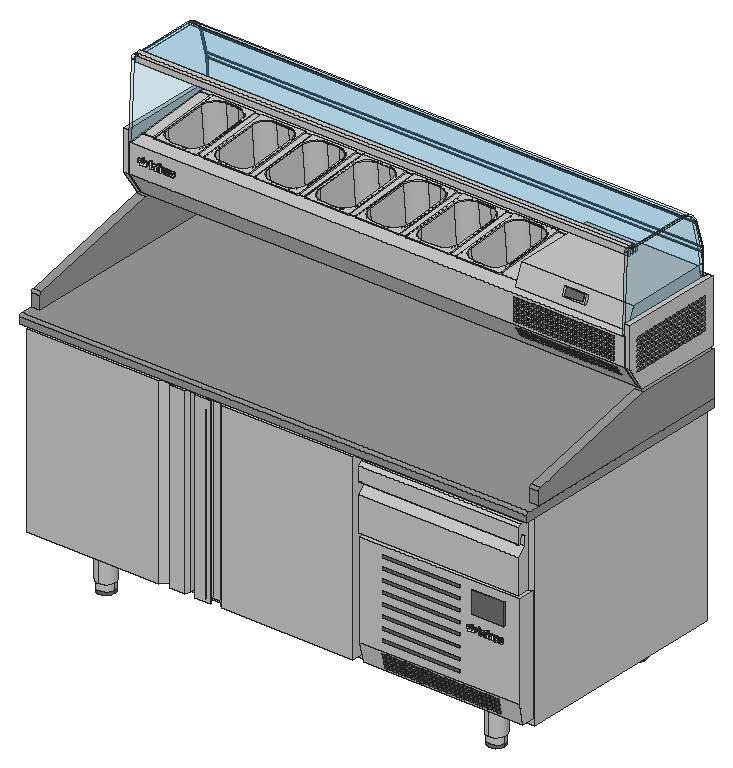
Revit family "QF_INFRICO_MP1740_VIP1740B14_G_250813111353", category Specialty Equipment, Revit 2021 (continued)
Definition of nested family "QF_INFRICO_VIP1740B14_G_6438"
  Forms (mm)
    Extrusion 5, solid, visible <- "Show Logo"
      sketch origin (-1114.206, -353, -563.417) x (1, 0, 0) y (0, 0, 1)
        loop
          line (1277.405, 707.866) -> (1277.405, 701.705)
          arc (1277.405, 701.705) -> (1277.844, 700.556) -> (1278.936, 699.991) r 1.725
          arc (1278.936, 699.991) -> (1279.627, 699.918) -> (1280.318, 699.856) r 46.133
          arc (1280.318, 699.856) -> (1281.01, 699.918) -> (1281.701, 699.991) r 46.133
          arc (1281.701, 699.991) -> (1282.793, 700.556) -> (1283.231, 701.705) r 1.725
          line (1283.231, 701.705) -> (1283.231, 707.866)
          arc (1283.231, 707.866) -> (1282.793, 709.015) -> (1281.701, 709.58) r 1.725
          arc (1281.701, 709.58) -> (1281.01, 709.653) -> (1280.318, 709.716) r 46.133
          arc (1280.318, 709.716) -> (1279.627, 709.653) -> (1278.936, 709.58) r 46.133
          arc (1278.936, 709.58) -> (1277.844, 709.015) -> (1277.405, 707.866) r 1.725
        loop
          arc (1190.339, 696.543) -> (1191.411, 696.987) -> (1191.856, 698.059) r 1.516
          line (1191.856, 698.059) -> (1191.856, 703.891) -> (1196.035, 703.891)
          arc (1196.035, 703.891) -> (1196.79, 704.121) -> (1197.218, 704.782) r 1.147
          line (1197.218, 704.782) -> (1197.218, 706.211)
          arc (1197.218, 706.211) -> (1196.787, 707.258) -> (1195.719, 707.634) r 1.385
          line (1195.719, 707.634) -> (1194.52, 707.634) -> (1197.218, 710.332)
          arc (1197.218, 710.332) -> (1197.605, 711.266) -> (1197.218, 712.2) r 1.321
          line (1197.218, 712.2) -> (1196.495, 712.923)
          arc (1196.495, 712.923) -> (1195.54, 713.338) -> (1194.558, 712.991) r 1.422
          line (1194.558, 712.991) -> (1191.853, 710.286) -> (1191.853, 711.479)
          arc (1191.853, 711.479) -> (1191.443, 712.516) -> (1190.435, 712.992) r 1.516
          line (1190.435, 712.992) -> (1189.514, 712.992)
          arc (1189.514, 712.992) -> (1188.511, 712.514) -> (1188.103, 711.479) r 1.516
          line (1188.103, 711.479) -> (1188.103, 706.83) -> (1182.073, 701.336) -> (1182.073, 707.509) -> (1185.639, 711.075)
          arc (1185.639, 711.075) -> (1186.053, 712.073) -> (1185.639, 713.071) r 1.412
          line (1185.639, 713.071) -> (1184.987, 713.723)
          arc (1184.987, 713.723) -> (1183.939, 714.141) -> (1182.915, 713.667) r 1.428
          line (1182.915, 713.667) -> (1182.073, 712.825) -> (1182.073, 717.784)
          arc (1182.073, 717.784) -> (1181.658, 718.787) -> (1180.655, 719.203) r 1.418
          line (1180.655, 719.203) -> (1179.726, 719.203)
          arc (1179.726, 719.203) -> (1178.723, 718.787) -> (1178.308, 717.784) r 1.418
          line (1178.308, 717.784) -> (1178.308, 712.825) -> (1177.466, 713.667)
          arc (1177.466, 713.667) -> (1176.442, 714.141) -> (1175.394, 713.723) r 1.428
          line (1175.394, 713.723) -> (1174.742, 713.071)
          arc (1174.742, 713.071) -> (1174.328, 712.073) -> (1174.742, 711.075) r 1.412
          line (1174.742, 711.075) -> (1178.308, 707.509) -> (1178.308, 701.336) -> (1172.278, 706.83) -> (1172.278, 711.479)
          arc (1172.278, 711.479) -> (1171.87, 712.514) -> (1170.867, 712.992) r 1.516
          line (1170.867, 712.992) -> (1169.946, 712.992)
          arc (1169.946, 712.992) -> (1168.938, 712.516) -> (1168.528, 711.479) r 1.516
          line (1168.528, 711.479) -> (1168.528, 710.286) -> (1165.823, 712.991)
          arc (1165.823, 712.991) -> (1164.841, 713.338) -> (1163.886, 712.923) r 1.422
          line (1163.886, 712.923) -> (1163.163, 712.2)
          arc (1163.163, 712.2) -> (1162.776, 711.266) -> (1163.163, 710.332) r 1.321
          line (1163.163, 710.332) -> (1165.861, 707.634) -> (1164.662, 707.634)
          arc (1164.662, 707.634) -> (1163.594, 707.258) -> (1163.163, 706.211) r 1.385
          line (1163.163, 706.211) -> (1163.163, 704.782)
          arc (1163.163, 704.782) -> (1163.591, 704.121) -> (1164.346, 703.891) r 1.147
          line (1164.346, 703.891) -> (1168.525, 703.891) -> (1168.525, 698.059)
          arc (1168.525, 698.059) -> (1168.969, 696.987) -> (1170.042, 696.543) r 1.516
          line (1170.042, 696.543) -> (1190.339, 696.543)
      from 0 to 2
    Sweep 6, solid
      path origin (-4.167, 245.887, 345.752) x (1, 0, 0) y (0, 0.996195, 0.087156)
        loop
          arc (117.472, -326.858) -> (91.309, -337.695) -> (80.472, -363.858) r 37
          line (80.472, -363.858) -> (80.472, -504.858)
          arc (80.472, -504.858) -> (91.309, -531.021) -> (117.472, -541.858) r 37
          line (117.472, -541.858) -> (158.472, -541.858)
          arc (158.472, -541.858) -> (184.635, -531.021) -> (195.472, -504.858) r 37
          line (195.472, -504.858) -> (195.472, -363.858)
          arc (195.472, -363.858) -> (184.635, -337.695) -> (158.472, -326.858) r 37
          line (158.472, -326.858) -> (117.472, -326.858)
      profile origin (133.805, -79.727, 317.264) x (0, 0.996195, 0.087156) y (0, -0.087156, 0.996195)
        loop
          arc (1, -252.7) -> (8.779, -249.478) -> (12.001, -241.699) r 11.001
          line (12.001, -241.699) -> (12.001, -105.504) -> (10.001, -105.504) -> (10.001, -241.699)
          arc (10.001, -241.699) -> (7.365, -248.064) -> (1, -250.7) r 9.001
          line (1, -250.7) -> (1, -252.7)
    Extrusion 7, solid
      sketch origin (-4.167, 267.911, 94.014) x (1, 0, 0) y (0, 0.996195, 0.087156)
        loop
          arc (117.472, -325.858) -> (90.602, -336.988) -> (79.472, -363.858) r 38
          line (79.472, -363.858) -> (79.472, -504.858)
          arc (79.472, -504.858) -> (90.602, -531.728) -> (117.472, -542.858) r 38
          line (117.472, -542.858) -> (158.472, -542.858)
          arc (158.472, -542.858) -> (185.342, -531.728) -> (196.472, -504.858) r 38
          line (196.472, -504.858) -> (196.472, -363.858)
          arc (196.472, -363.858) -> (185.342, -336.988) -> (158.472, -325.858) r 38
          line (158.472, -325.858) -> (117.472, -325.858)
      from 0 to 2
    Extrusion 8, solid
      sketch origin (-1321.137, -3221.673, -63.528) x (1, 0, 0) y (0, 0.996195, 0.087156)
        loop
          arc (1382.943, 3181.245) -> (1380.444, 3180.21) -> (1379.409, 3177.711) r 3.534
          line (1379.409, 3177.711) -> (1379.409, 2933.71)
          arc (1379.409, 2933.71) -> (1380.444, 2931.212) -> (1382.942, 2930.177) r 3.532
          line (1382.942, 2930.177) -> (1526.942, 2930.177)
          arc (1526.942, 2930.177) -> (1529.44, 2931.213) -> (1530.475, 2933.711) r 3.534
          line (1530.475, 2933.711) -> (1530.475, 3177.711)
          arc (1530.475, 3177.711) -> (1529.44, 3180.21) -> (1526.941, 3181.245) r 3.535
          line (1526.941, 3181.245) -> (1382.943, 3181.245)
        loop
          arc (1434.442, 3173.179) -> (1401.207, 3159.413) -> (1387.441, 3126.178) r 47.001
          line (1387.441, 3126.178) -> (1387.441, 2985.178)
          arc (1387.441, 2985.178) -> (1401.207, 2951.944) -> (1434.442, 2938.177) r 47.001
          line (1434.442, 2938.177) -> (1475.442, 2938.177)
          arc (1475.442, 2938.177) -> (1508.676, 2951.944) -> (1522.442, 2985.178) r 47.001
          line (1522.442, 2985.178) -> (1522.442, 3126.178)
          arc (1522.442, 3126.178) -> (1508.676, 3159.413) -> (1475.442, 3173.179) r 47.001
          line (1475.442, 3173.179) -> (1434.442, 3173.179)
      from 0 to 2
    Sweep 9, solid
      path origin (168.899, 245.887, 345.752) x (1, 0, 0) y (0, 0.996195, 0.087156)
        loop
          arc (117.472, -326.858) -> (91.309, -337.695) -> (80.472, -363.858) r 37
          line (80.472, -363.858) -> (80.472, -504.858)
          arc (80.472, -504.858) -> (91.309, -531.021) -> (117.472, -541.858) r 37
          line (117.472, -541.858) -> (158.472, -541.858)
          arc (158.472, -541.858) -> (184.635, -531.021) -> (195.472, -504.858) r 37
          line (195.472, -504.858) -> (195.472, -363.858)
          arc (195.472, -363.858) -> (184.635, -337.695) -> (158.472, -326.858) r 37
          line (158.472, -326.858) -> (117.472, -326.858)
      profile origin (306.871, -79.727, 317.264) x (0, 0.996195, 0.087156) y (0, -0.087156, 0.996195)
        loop
          arc (1, -252.7) -> (8.779, -249.478) -> (12.001, -241.699) r 11.001
          line (12.001, -241.699) -> (12.001, -105.504) -> (10.001, -105.504) -> (10.001, -241.699)
          arc (10.001, -241.699) -> (7.365, -248.064) -> (1, -250.7) r 9.001
          line (1, -250.7) -> (1, -252.7)
    Extrusion 10, solid
      sketch origin (168.899, 267.911, 94.014) x (1, 0, 0) y (0, 0.996195, 0.087156)
        loop
          arc (117.472, -325.858) -> (90.602, -336.988) -> (79.472, -363.858) r 38
          line (79.472, -363.858) -> (79.472, -504.858)
          arc (79.472, -504.858) -> (90.602, -531.728) -> (117.472, -542.858) r 38
          line (117.472, -542.858) -> (158.472, -542.858)
          arc (158.472, -542.858) -> (185.342, -531.728) -> (196.472, -504.858) r 38
          line (196.472, -504.858) -> (196.472, -363.858)
          arc (196.472, -363.858) -> (185.342, -336.988) -> (158.472, -325.858) r 38
          line (158.472, -325.858) -> (117.472, -325.858)
      from 0 to 2
    Extrusion 11, solid
      sketch origin (-1148.071, -3221.673, -63.528) x (1, 0, 0) y (0, 0.996195, 0.087156)
        loop
          arc (1382.943, 3181.245) -> (1380.444, 3180.21) -> (1379.409, 3177.711) r 3.534
          line (1379.409, 3177.711) -> (1379.409, 2933.71)
          arc (1379.409, 2933.71) -> (1380.444, 2931.212) -> (1382.942, 2930.177) r 3.532
          line (1382.942, 2930.177) -> (1526.942, 2930.177)
          arc (1526.942, 2930.177) -> (1529.44, 2931.213) -> (1530.475, 2933.711) r 3.534
          line (1530.475, 2933.711) -> (1530.475, 3177.711)
          arc (1530.475, 3177.711) -> (1529.44, 3180.21) -> (1526.941, 3181.245) r 3.535
          line (1526.941, 3181.245) -> (1382.943, 3181.245)
        loop
          arc (1434.442, 3173.179) -> (1401.207, 3159.413) -> (1387.441, 3126.178) r 47.001
          line (1387.441, 3126.178) -> (1387.441, 2985.178)
          arc (1387.441, 2985.178) -> (1401.207, 2951.944) -> (1434.442, 2938.177) r 47.001
          line (1434.442, 2938.177) -> (1475.442, 2938.177)
          arc (1475.442, 2938.177) -> (1508.676, 2951.944) -> (1522.442, 2985.178) r 47.001
          line (1522.442, 2985.178) -> (1522.442, 3126.178)
          arc (1522.442, 3126.178) -> (1508.676, 3159.413) -> (1475.442, 3173.179) r 47.001
          line (1475.442, 3173.179) -> (1434.442, 3173.179)
      from 0 to 2
    Sweep 12, solid
      path origin (341.965, 245.887, 345.752) x (1, 0, 0) y (0, 0.996195, 0.087156)
        loop
          arc (117.472, -326.858) -> (91.309, -337.695) -> (80.472, -363.858) r 37
          line (80.472, -363.858) -> (80.472, -504.858)
          arc (80.472, -504.858) -> (91.309, -531.021) -> (117.472, -541.858) r 37
          line (117.472, -541.858) -> (158.472, -541.858)
          arc (158.472, -541.858) -> (184.635, -531.021) -> (195.472, -504.858) r 37
          line (195.472, -504.858) -> (195.472, -363.858)
          arc (195.472, -363.858) -> (184.635, -337.695) -> (158.472, -326.858) r 37
          line (158.472, -326.858) -> (117.472, -326.858)
      profile origin (479.937, -79.727, 317.264) x (0, 0.996195, 0.087156) y (0, -0.087156, 0.996195)
        loop
          arc (1, -252.7) -> (8.779, -249.478) -> (12.001, -241.699) r 11.001
          line (12.001, -241.699) -> (12.001, -105.504) -> (10.001, -105.504) -> (10.001, -241.699)
          arc (10.001, -241.699) -> (7.365, -248.064) -> (1, -250.7) r 9.001
          line (1, -250.7) -> (1, -252.7)
    Extrusion 13, solid
      sketch origin (341.965, 267.911, 94.014) x (1, 0, 0) y (0, 0.996195, 0.087156)
        loop
          arc (117.472, -325.858) -> (90.602, -336.988) -> (79.472, -363.858) r 38
          line (79.472, -363.858) -> (79.472, -504.858)
          arc (79.472, -504.858) -> (90.602, -531.728) -> (117.472, -542.858) r 38
          line (117.472, -542.858) -> (158.472, -542.858)
          arc (158.472, -542.858) -> (185.342, -531.728) -> (196.472, -504.858) r 38
          line (196.472, -504.858) -> (196.472, -363.858)
          arc (196.472, -363.858) -> (185.342, -336.988) -> (158.472, -325.858) r 38
          line (158.472, -325.858) -> (117.472, -325.858)
      from 0 to 2
    Extrusion 14, solid
      sketch origin (-975.004, -3221.673, -63.528) x (1, 0, 0) y (0, 0.996195, 0.087156)
        loop
          arc (1382.943, 3181.245) -> (1380.444, 3180.21) -> (1379.409, 3177.711) r 3.534
          line (1379.409, 3177.711) -> (1379.409, 2933.71)
          arc (1379.409, 2933.71) -> (1380.444, 2931.212) -> (1382.942, 2930.177) r 3.532
          line (1382.942, 2930.177) -> (1526.942, 2930.177)
          arc (1526.942, 2930.177) -> (1529.44, 2931.213) -> (1530.475, 2933.711) r 3.534
          line (1530.475, 2933.711) -> (1530.475, 3177.711)
          arc (1530.475, 3177.711) -> (1529.44, 3180.21) -> (1526.941, 3181.245) r 3.535
          line (1526.941, 3181.245) -> (1382.943, 3181.245)
        loop
          arc (1434.442, 3173.179) -> (1401.207, 3159.413) -> (1387.441, 3126.178) r 47.001
          line (1387.441, 3126.178) -> (1387.441, 2985.178)
          arc (1387.441, 2985.178) -> (1401.207, 2951.944) -> (1434.442, 2938.177) r 47.001
          line (1434.442, 2938.177) -> (1475.442, 2938.177)
          arc (1475.442, 2938.177) -> (1508.676, 2951.944) -> (1522.442, 2985.178) r 47.001
          line (1522.442, 2985.178) -> (1522.442, 3126.178)
          arc (1522.442, 3126.178) -> (1508.676, 3159.413) -> (1475.442, 3173.179) r 47.001
          line (1475.442, 3173.179) -> (1434.442, 3173.179)
      from 0 to 2
    Sweep 15, solid
      path origin (515.032, 245.887, 345.752) x (1, 0, 0) y (0, 0.996195, 0.087156)
        loop
          arc (117.472, -326.858) -> (91.309, -337.695) -> (80.472, -363.858) r 37
          line (80.472, -363.858) -> (80.472, -504.858)
          arc (80.472, -504.858) -> (91.309, -531.021) -> (117.472, -541.858) r 37
          line (117.472, -541.858) -> (158.472, -541.858)
          arc (158.472, -541.858) -> (184.635, -531.021) -> (195.472, -504.858) r 37
          line (195.472, -504.858) -> (195.472, -363.858)
          arc (195.472, -363.858) -> (184.635, -337.695) -> (158.472, -326.858) r 37
          line (158.472, -326.858) -> (117.472, -326.858)
      profile origin (653.003, -79.727, 317.264) x (0, 0.996195, 0.087156) y (0, -0.087156, 0.996195)
        loop
          arc (1, -252.7) -> (8.779, -249.478) -> (12.001, -241.699) r 11.001
          line (12.001, -241.699) -> (12.001, -105.504) -> (10.001, -105.504) -> (10.001, -241.699)
          arc (10.001, -241.699) -> (7.365, -248.064) -> (1, -250.7) r 9.001
          line (1, -250.7) -> (1, -252.7)
    Extrusion 16, solid
      sketch origin (515.032, 267.911, 94.014) x (1, 0, 0) y (0, 0.996195, 0.087156)
        loop
          arc (117.472, -325.858) -> (90.602, -336.988) -> (79.472, -363.858) r 38
          line (79.472, -363.858) -> (79.472, -504.858)
          arc (79.472, -504.858) -> (90.602, -531.728) -> (117.472, -542.858) r 38
          line (117.472, -542.858) -> (158.472, -542.858)
          arc (158.472, -542.858) -> (185.342, -531.728) -> (196.472, -504.858) r 38
          line (196.472, -504.858) -> (196.472, -363.858)
          arc (196.472, -363.858) -> (185.342, -336.988) -> (158.472, -325.858) r 38
          line (158.472, -325.858) -> (117.472, -325.858)
      from 0 to 2
    Extrusion 17, solid
      sketch origin (-801.938, -3221.673, -63.528) x (1, 0, 0) y (0, 0.996195, 0.087156)
        loop
          arc (1382.943, 3181.245) -> (1380.444, 3180.21) -> (1379.409, 3177.711) r 3.534
          line (1379.409, 3177.711) -> (1379.409, 2933.71)
          arc (1379.409, 2933.71) -> (1380.444, 2931.212) -> (1382.942, 2930.177) r 3.532
          line (1382.942, 2930.177) -> (1526.942, 2930.177)
          arc (1526.942, 2930.177) -> (1529.44, 2931.213) -> (1530.475, 2933.711) r 3.534
          line (1530.475, 2933.711) -> (1530.475, 3177.711)
          arc (1530.475, 3177.711) -> (1529.44, 3180.21) -> (1526.941, 3181.245) r 3.535
          line (1526.941, 3181.245) -> (1382.943, 3181.245)
        loop
          arc (1434.442, 3173.179) -> (1401.207, 3159.413) -> (1387.441, 3126.178) r 47.001
          line (1387.441, 3126.178) -> (1387.441, 2985.178)
          arc (1387.441, 2985.178) -> (1401.207, 2951.944) -> (1434.442, 2938.177) r 47.001
          line (1434.442, 2938.177) -> (1475.442, 2938.177)
          arc (1475.442, 2938.177) -> (1508.676, 2951.944) -> (1522.442, 2985.178) r 47.001
          line (1522.442, 2985.178) -> (1522.442, 3126.178)
          arc (1522.442, 3126.178) -> (1508.676, 3159.413) -> (1475.442, 3173.179) r 47.001
          line (1475.442, 3173.179) -> (1434.442, 3173.179)
      from 0 to 2
    Sweep 18, solid
      path origin (688.098, 245.887, 345.752) x (1, 0, 0) y (0, 0.996195, 0.087156)
        loop
          arc (117.472, -326.858) -> (91.309, -337.695) -> (80.472, -363.858) r 37
          line (80.472, -363.858) -> (80.472, -504.858)
          arc (80.472, -504.858) -> (91.309, -531.021) -> (117.472, -541.858) r 37
          line (117.472, -541.858) -> (158.472, -541.858)
          arc (158.472, -541.858) -> (184.635, -531.021) -> (195.472, -504.858) r 37
          line (195.472, -504.858) -> (195.472, -363.858)
          arc (195.472, -363.858) -> (184.635, -337.695) -> (158.472, -326.858) r 37
          line (158.472, -326.858) -> (117.472, -326.858)
      profile origin (826.07, -79.727, 317.264) x (0, 0.996195, 0.087156) y (0, -0.087156, 0.996195)
        loop
          arc (1, -252.7) -> (8.779, -249.478) -> (12.001, -241.699) r 11.001
          line (12.001, -241.699) -> (12.001, -105.504) -> (10.001, -105.504) -> (10.001, -241.699)
          arc (10.001, -241.699) -> (7.365, -248.064) -> (1, -250.7) r 9.001
          line (1, -250.7) -> (1, -252.7)
    Extrusion 19, solid
      sketch origin (688.098, 267.911, 94.014) x (1, 0, 0) y (0, 0.996195, 0.087156)
        loop
          arc (117.472, -325.858) -> (90.602, -336.988) -> (79.472, -363.858) r 38
          line (79.472, -363.858) -> (79.472, -504.858)
          arc (79.472, -504.858) -> (90.602, -531.728) -> (117.472, -542.858) r 38
          line (117.472, -542.858) -> (158.472, -542.858)
          arc (158.472, -542.858) -> (185.342, -531.728) -> (196.472, -504.858) r 38
          line (196.472, -504.858) -> (196.472, -363.858)
          arc (196.472, -363.858) -> (185.342, -336.988) -> (158.472, -325.858) r 38
          line (158.472, -325.858) -> (117.472, -325.858)
      from 0 to 2
    Extrusion 20, solid
      sketch origin (-628.872, -3221.673, -63.528) x (1, 0, 0) y (0, 0.996195, 0.087156)
        loop
          arc (1382.943, 3181.245) -> (1380.444, 3180.21) -> (1379.409, 3177.711) r 3.534
          line (1379.409, 3177.711) -> (1379.409, 2933.71)
          arc (1379.409, 2933.71) -> (1380.444, 2931.212) -> (1382.942, 2930.177) r 3.532
          line (1382.942, 2930.177) -> (1526.942, 2930.177)
          arc (1526.942, 2930.177) -> (1529.44, 2931.213) -> (1530.475, 2933.711) r 3.534
          line (1530.475, 2933.711) -> (1530.475, 3177.711)
          arc (1530.475, 3177.711) -> (1529.44, 3180.21) -> (1526.941, 3181.245) r 3.535
          line (1526.941, 3181.245) -> (1382.943, 3181.245)
        loop
          arc (1434.442, 3173.179) -> (1401.207, 3159.413) -> (1387.441, 3126.178) r 47.001
          line (1387.441, 3126.178) -> (1387.441, 2985.178)
          arc (1387.441, 2985.178) -> (1401.207, 2951.944) -> (1434.442, 2938.177) r 47.001
          line (1434.442, 2938.177) -> (1475.442, 2938.177)
          arc (1475.442, 2938.177) -> (1508.676, 2951.944) -> (1522.442, 2985.178) r 47.001
          line (1522.442, 2985.178) -> (1522.442, 3126.178)
          arc (1522.442, 3126.178) -> (1508.676, 3159.413) -> (1475.442, 3173.179) r 47.001
          line (1475.442, 3173.179) -> (1434.442, 3173.179)
      from 0 to 2
    Extrusion 21, solid
      sketch origin (1249.99, 0, -830.73) x (0, 1, 0) y (0, 0, 1)
        loop
          line (-54.211, 1044.32) -> (-299.657, 1022.846) -> (-299.57, 1021.85) -> (-54.124, 1043.323) -> (-54.211, 1044.32)
      from -2.254 to 73.01
    Extrusion 22, solid
      sketch origin (190.328, 3.021, -832.003) x (0, 1, 0) y (0, 0, 1)
        loop
          line (-57.232, 1045.593) -> (-302.679, 1024.119) -> (-302.591, 1023.123) -> (-57.145, 1044.596) -> (-57.232, 1045.593)
      from 19.01 to 41.01
    Extrusion 23, solid
      sketch origin (363.395, 3.021, -832.003) x (0, 1, 0) y (0, 0, 1)
        loop
          line (-57.232, 1045.593) -> (-302.679, 1024.119) -> (-302.591, 1023.123) -> (-57.145, 1044.596) -> (-57.232, 1045.593)
      from 19.01 to 41.01
    Extrusion 24, solid
      sketch origin (-2.496, -1945.392, -823.821) x (0, 1, 0) y (0, 0, 1)
        loop
          arc (1613.392, 1271.841) -> (1606.571, 1269.364) -> (1603.392, 1262.841) r 9.673
          line (1603.392, 1262.841) -> (1592.392, 1011.27) -> (1924.389, 1040.316) -> (1924.389, 1085.841)
          arc (1924.389, 1085.841) -> (1923.638, 1106.895) -> (1921.389, 1127.841) r 295.5
          line (1921.389, 1127.841) -> (1895.389, 1224.841)
          arc (1895.389, 1224.841) -> (1875.889, 1253.008) -> (1843.389, 1263.841) r 54.167
          line (1843.389, 1263.841) -> (1620.392, 1263.841) -> (1620.392, 1271.841) -> (1613.392, 1271.841)
      from 18.496 to 28.494
    Extrusion 25, solid
      sketch origin (-2.996, -1940.345, -823.821) x (0, 1, 0) y (0, 0, 1)
        loop
          line (1925.345, 1048.841) -> (1925.345, 1122.841)
          arc (1925.345, 1122.841) -> (1924.405, 1131.935) -> (1922.345, 1140.841) r 73.698
          line (1922.345, 1140.841) -> (1897.345, 1224.841)
          arc (1897.345, 1224.841) -> (1875.144, 1256.63) -> (1838.343, 1268.841) r 61.56
          line (1838.343, 1268.841) -> (1625.345, 1268.841) -> (1625.345, 1263.841) -> (1838.343, 1263.841)
          arc (1838.343, 1263.841) -> (1872.155, 1252.622) -> (1892.553, 1223.415) r 56.56
          line (1892.553, 1223.415) -> (1917.553, 1139.415)
          arc (1917.553, 1139.415) -> (1919.464, 1131.162) -> (1920.345, 1122.737) r 68.698
          line (1920.345, 1122.737) -> (1920.345, 1048.841) -> (1925.345, 1048.841)
      from 18.996 to 1719.996
    Extrusion 26, solid
      sketch origin (-2.5, -945.412, -830.93) x (0, 1, 0) y (0, 0, 1)
        loop
          line (945.412, 840.93) -> (945.412, 1055.95) -> (592.412, 1055.95) -> (592.412, 920.95) -> (645.412, 840.93) -> (945.412, 840.93)
      from 2.5 to 18.5
    Extrusion 27, solid
      sketch origin (0, 1000, 0) x (0, 1, 0) y (0, 0, 1)
        loop
          line (-1000, 225.02) -> (-1015, 225.02) -> (-1015, 10) -> (-1000, 10) -> (-1000, 225.02)
      from 16 to 1717
    Extrusion 28, solid
      sketch origin (1714.5, -945.412, -830.93) x (0, 1, 0) y (0, 0, 1)
        loop
          line (945.412, 840.93) -> (945.412, 1055.95) -> (592.412, 1055.95) -> (592.412, 920.95) -> (645.412, 840.93) -> (945.412, 840.93)
      from 2.5 to 18.5
    Extrusion 29, solid
      sketch origin (-3.01, -1945.553, -830.93) x (0, 1, 0) y (0, 0, 1)
        loop
          line (1592.553, 1018.379) -> (1592.553, 920.95) -> (1645.553, 840.93) -> (1930.553, 840.93) -> (1930.553, 1047.95) -> (1891.342, 1044.52) -> (1904.415, 895.09)
          arc (1904.415, 895.09) -> (1902.56, 888.315) -> (1896.739, 884.381) r 10.117
          line (1896.739, 884.381) -> (1668.388, 864.403)
          arc (1668.388, 864.403) -> (1661.973, 867.266) -> (1658.969, 873.617) r 10.117
          line (1658.969, 873.617) -> (1645.896, 1023.046) -> (1592.553, 1018.379)
      from 19.01 to 1326.01
    Extrusion 30, solid
      sketch origin (1389.99, -1945.553, -830.93) x (0, 1, 0) y (0, 0, 1)
        loop
          line (1592.553, 1018.379) -> (1592.553, 920.95) -> (1645.553, 840.93) -> (1930.553, 840.93) -> (1930.553, 1047.95) -> (1592.553, 1018.379)
      from -66.99 to 327.01
    Extrusion 31, solid
      sketch origin (-3.482, -1952.74, -830.73) x (0, 1, 0) y (0, 0, 1)
        loop
          line (1927.74, 1087.95) -> (1647.74, 1087.95) -> (1625.274, 1020.413) -> (1931.164, 1047.175) -> (1927.74, 1087.95)
      from 1326.484 to 1710.484
    Extrusion 32, solid
      sketch origin (1735.496, -1945.392, -823.821) x (0, 1, 0) y (0, 0, -1)
        loop
          line (1613.392, -1271.841) -> (1620.392, -1271.841) -> (1620.392, -1263.841) -> (1843.389, -1263.841)
          arc (1843.389, -1263.841) -> (1875.889, -1253.008) -> (1895.389, -1224.841) r 54.167
          line (1895.389, -1224.841) -> (1921.389, -1127.841)
          arc (1921.389, -1127.841) -> (1923.638, -1106.895) -> (1924.389, -1085.841) r 295.5
          line (1924.389, -1085.841) -> (1924.389, -1040.316) -> (1592.392, -1011.27) -> (1603.392, -1262.841)
          arc (1603.392, -1262.841) -> (1606.571, -1269.364) -> (1613.392, -1271.841) r 9.673
      from 18.496 to 28.494
    Extrusion 33, solid
      sketch origin (229.002, -391.726, -3.488) x (1, 0, 0) y (0, 0.315649, 0.948876)
        loop
          arc (1327, 258) -> (1289, 260) -> (1251, 258) r 362
          arc (1251, 258) -> (1250, 243.5) -> (1251, 229) r 105.625
          arc (1251, 229) -> (1289, 227) -> (1327, 229) r 362
          arc (1327, 229) -> (1328, 243.5) -> (1327, 258) r 105.625
      from 0 to 5.5
    Extrusion 34, solid
      sketch origin (228.828, -395.142, -2.351) x (1, 0, 0) y (0, 0.315649, 0.948876)
        loop
          line (1259, 258.755) -> (1259, 233.755) -> (1319, 233.755) -> (1319, 258.755)
          arc (1319, 258.755) -> (1289, 260) -> (1259, 258.755) r 362
      from 0 to 2
    Extrusion 35, solid
      sketch origin (-3.01, 0, -830.73) x (0, 1, 0) y (0, 0, 1)
        loop
          line (-54.211, 1044.32) -> (-299.657, 1022.846) -> (-299.57, 1021.85) -> (-54.124, 1043.323) -> (-54.211, 1044.32)
      from 19.01 to 66.01
    Extrusion 36, solid
      sketch origin (536.461, 3.021, -832.003) x (0, 1, 0) y (0, 0, 1)
        loop
          line (-57.232, 1045.593) -> (-302.679, 1024.119) -> (-302.591, 1023.123) -> (-57.145, 1044.596) -> (-57.232, 1045.593)
      from 19.01 to 41.01
    Extrusion 37, solid
      sketch origin (709.527, 3.021, -832.003) x (0, 1, 0) y (0, 0, 1)
        loop
          line (-57.232, 1045.593) -> (-302.679, 1024.119) -> (-302.591, 1023.123) -> (-57.145, 1044.596) -> (-57.232, 1045.593)
      from 19.01 to 41.01
    Revolve 38, solid
      sketch origin (38, -40, 0) x (0, 1, 0) y (0, 0, 1)
        loop
          line (0, 10) -> (-13, 10)
          arc (-13, 10) -> (-13.736, 9.118) -> (-14, 8) r 2.5
          line (-14, 8) -> (-14, 3) -> (-12, 3) -> (-12, 0) -> (0, 0) -> (0, 10)
        axis (0, 0) -> (0, 10)
      angle from 0 to 360
    Revolve 39, solid
      sketch origin (38, -266, 0) x (0, 1, 0) y (0, 0, 1)
        loop
          line (0, 10) -> (-13, 10)
          arc (-13, 10) -> (-13.736, 9.118) -> (-14, 8) r 2.5
          line (-14, 8) -> (-14, 3) -> (-12, 3) -> (-12, 0) -> (0, 0) -> (0, 10)
        axis (0, 0) -> (0, 10)
      angle from 0 to 360
    Revolve 40, solid
      sketch origin (1695, -40, 0) x (0, 1, 0) y (0, 0, -1)
        loop
          line (0, -10) -> (0, 0) -> (-12, 0) -> (-12, -3) -> (-14, -3) -> (-14, -8)
          arc (-14, -8) -> (-13.736, -9.118) -> (-13, -10) r 2.5
          line (-13, -10) -> (0, -10)
        axis (0, 0) -> (0, -10)
      angle from 0 to 360
    Revolve 41, solid
      sketch origin (1695, -266, 0) x (0, 1, 0) y (0, 0, -1)
        loop
          line (0, -10) -> (0, 0) -> (-12, 0) -> (-12, -3) -> (-14, -3) -> (-14, -8)
          arc (-14, -8) -> (-13.736, -9.118) -> (-13, -10) r 2.5
          line (-13, -10) -> (0, -10)
        axis (0, 0) -> (0, -10)
      angle from 0 to 360
    Extrusion 42, solid
      sketch origin (-455.806, -3221.673, -63.528) x (1, 0, 0) y (0, 0.996195, 0.087156)
        loop
          arc (1382.943, 3181.245) -> (1380.444, 3180.21) -> (1379.409, 3177.711) r 3.534
          line (1379.409, 3177.711) -> (1379.409, 2933.71)
          arc (1379.409, 2933.71) -> (1380.444, 2931.212) -> (1382.942, 2930.177) r 3.532
          line (1382.942, 2930.177) -> (1526.942, 2930.177)
          arc (1526.942, 2930.177) -> (1529.44, 2931.213) -> (1530.475, 2933.711) r 3.534
          line (1530.475, 2933.711) -> (1530.475, 3177.711)
          arc (1530.475, 3177.711) -> (1529.44, 3180.21) -> (1526.941, 3181.245) r 3.535
          line (1526.941, 3181.245) -> (1382.943, 3181.245)
        loop
          arc (1434.442, 3173.179) -> (1401.207, 3159.413) -> (1387.441, 3126.178) r 47.001
          line (1387.441, 3126.178) -> (1387.441, 2985.178)
          arc (1387.441, 2985.178) -> (1401.207, 2951.944) -> (1434.442, 2938.177) r 47.001
          line (1434.442, 2938.177) -> (1475.442, 2938.177)
          arc (1475.442, 2938.177) -> (1508.676, 2951.944) -> (1522.442, 2985.178) r 47.001
          line (1522.442, 2985.178) -> (1522.442, 3126.178)
          arc (1522.442, 3126.178) -> (1508.676, 3159.413) -> (1475.442, 3173.179) r 47.001
          line (1475.442, 3173.179) -> (1434.442, 3173.179)
      from 0 to 2
    Extrusion 43, solid
      sketch origin (882.594, 3.021, -832.003) x (0, 1, 0) y (0, 0, 1)
        loop
          line (-57.232, 1045.593) -> (-302.679, 1024.119) -> (-302.591, 1023.123) -> (-57.145, 1044.596) -> (-57.232, 1045.593)
      from 19.01 to 41.01
    Sweep 44, solid
      path origin (861.164, 245.887, 345.752) x (1, 0, 0) y (0, 0.996195, 0.087156)
        loop
          arc (117.472, -326.858) -> (91.309, -337.695) -> (80.472, -363.858) r 37
          line (80.472, -363.858) -> (80.472, -504.858)
          arc (80.472, -504.858) -> (91.309, -531.021) -> (117.472, -541.858) r 37
          line (117.472, -541.858) -> (158.472, -541.858)
          arc (158.472, -541.858) -> (184.635, -531.021) -> (195.472, -504.858) r 37
          line (195.472, -504.858) -> (195.472, -363.858)
          arc (195.472, -363.858) -> (184.635, -337.695) -> (158.472, -326.858) r 37
          line (158.472, -326.858) -> (117.472, -326.858)
      profile origin (999.136, -79.727, 317.264) x (0, 0.996195, 0.087156) y (0, -0.087156, 0.996195)
        loop
          arc (1, -252.7) -> (8.779, -249.478) -> (12.001, -241.699) r 11.001
          line (12.001, -241.699) -> (12.001, -105.504) -> (10.001, -105.504) -> (10.001, -241.699)
          arc (10.001, -241.699) -> (7.365, -248.064) -> (1, -250.7) r 9.001
          line (1, -250.7) -> (1, -252.7)
    Extrusion 45, solid
      sketch origin (861.164, 267.911, 94.014) x (1, 0, 0) y (0, 0.996195, 0.087156)
        loop
          arc (117.472, -325.858) -> (90.602, -336.988) -> (79.472, -363.858) r 38
          line (79.472, -363.858) -> (79.472, -504.858)
          arc (79.472, -504.858) -> (90.602, -531.728) -> (117.472, -542.858) r 38
          line (117.472, -542.858) -> (158.472, -542.858)
          arc (158.472, -542.858) -> (185.342, -531.728) -> (196.472, -504.858) r 38
          line (196.472, -504.858) -> (196.472, -363.858)
          arc (196.472, -363.858) -> (185.342, -336.988) -> (158.472, -325.858) r 38
          line (158.472, -325.858) -> (117.472, -325.858)
      from 0 to 2
    Extrusion 46, solid
      sketch origin (-282.739, -3221.673, -63.528) x (1, 0, 0) y (0, 0.996195, 0.087156)
        loop
          arc (1382.943, 3181.245) -> (1380.444, 3180.21) -> (1379.409, 3177.711) r 3.534
          line (1379.409, 3177.711) -> (1379.409, 2933.71)
          arc (1379.409, 2933.71) -> (1380.444, 2931.212) -> (1382.942, 2930.177) r 3.532
          line (1382.942, 2930.177) -> (1526.942, 2930.177)
          arc (1526.942, 2930.177) -> (1529.44, 2931.213) -> (1530.475, 2933.711) r 3.534
          line (1530.475, 2933.711) -> (1530.475, 3177.711)
          arc (1530.475, 3177.711) -> (1529.44, 3180.21) -> (1526.941, 3181.245) r 3.535
          line (1526.941, 3181.245) -> (1382.943, 3181.245)
        loop
          arc (1434.442, 3173.179) -> (1401.207, 3159.413) -> (1387.441, 3126.178) r 47.001
          line (1387.441, 3126.178) -> (1387.441, 2985.178)
          arc (1387.441, 2985.178) -> (1401.207, 2951.944) -> (1434.442, 2938.177) r 47.001
          line (1434.442, 2938.177) -> (1475.442, 2938.177)
          arc (1475.442, 2938.177) -> (1508.676, 2951.944) -> (1522.442, 2985.178) r 47.001
          line (1522.442, 2985.178) -> (1522.442, 3126.178)
          arc (1522.442, 3126.178) -> (1508.676, 3159.413) -> (1475.442, 3173.179) r 47.001
          line (1475.442, 3173.179) -> (1434.442, 3173.179)
      from 0 to 2
    Extrusion 47, solid
      sketch origin (1055.66, 3.021, -832.003) x (0, 1, 0) y (0, 0, 1)
        loop
          line (-57.232, 1045.593) -> (-302.679, 1024.119) -> (-302.591, 1023.123) -> (-57.145, 1044.596) -> (-57.232, 1045.593)
      from 19.01 to 41.01
    Sweep 48, solid
      path origin (1034.231, 245.887, 345.752) x (1, 0, 0) y (0, 0.996195, 0.087156)
        loop
          arc (117.472, -326.858) -> (91.309, -337.695) -> (80.472, -363.858) r 37
          line (80.472, -363.858) -> (80.472, -504.858)
          arc (80.472, -504.858) -> (91.309, -531.021) -> (117.472, -541.858) r 37
          line (117.472, -541.858) -> (158.472, -541.858)
          arc (158.472, -541.858) -> (184.635, -531.021) -> (195.472, -504.858) r 37
          line (195.472, -504.858) -> (195.472, -363.858)
          arc (195.472, -363.858) -> (184.635, -337.695) -> (158.472, -326.858) r 37
          line (158.472, -326.858) -> (117.472, -326.858)
      profile origin (1172.202, -79.727, 317.264) x (0, 0.996195, 0.087156) y (0, -0.087156, 0.996195)
        loop
          arc (1, -252.7) -> (8.779, -249.478) -> (12.001, -241.699) r 11.001
          line (12.001, -241.699) -> (12.001, -105.504) -> (10.001, -105.504) -> (10.001, -241.699)
          arc (10.001, -241.699) -> (7.365, -248.064) -> (1, -250.7) r 9.001
          line (1, -250.7) -> (1, -252.7)
    Extrusion 49, solid
      sketch origin (1034.231, 267.911, 94.014) x (1, 0, 0) y (0, 0.996195, 0.087156)
        loop
          arc (117.472, -325.858) -> (90.602, -336.988) -> (79.472, -363.858) r 38
          line (79.472, -363.858) -> (79.472, -504.858)
          arc (79.472, -504.858) -> (90.602, -531.728) -> (117.472, -542.858) r 38
          line (117.472, -542.858) -> (158.472, -542.858)
          arc (158.472, -542.858) -> (185.342, -531.728) -> (196.472, -504.858) r 38
          line (196.472, -504.858) -> (196.472, -363.858)
          arc (196.472, -363.858) -> (185.342, -336.988) -> (158.472, -325.858) r 38
          line (158.472, -325.858) -> (117.472, -325.858)
      from 0 to 2
    Extrusion 50, solid
      sketch origin (0, 1000, 0) x (0, 1, 0) y (0, 0, 1)
        loop
          line (-1315, 440.02) -> (-1315, 446.02) -> (-1304, 446.02) -> (-1304, 448.02) -> (-1320, 448.02)
          arc (-1320, 448.02) -> (-1323.647, 444.737) -> (-1325, 440.02) r 8.9
          line (-1325, 440.02) -> (-1325, 420.02) -> (-1323, 420.02) -> (-1323, 438.02) -> (-1310, 438.02) -> (-1310, 420.02) -> (-1308, 420.02) -> (-1308, 438.02) -> (-1295, 438.02) -> (-1295, 420.02) -> (-1293, 420.02) -> (-1293, 440.02) -> (-1315, 440.02)
      from 16 to 1707.002
  Cuts and joins
    joined: Extrusion 29, Extrusion 30
  Lines and regions (mm)
    symbolic lines
      curve 1: line (0, -353, 0) -> (0, 0, 0)
      curve 2: line (0, 0, 0) -> (1733, 0, 0)
      curve 3: line (1733, 0, 0) -> (1733, -353, 0)
      curve 4: line (1733, -353, 0) -> (0, -353, 0)
      curve 5: line (16, 0, 0) -> (16, -353, 0)
      curve 6: line (1717, 0, 0) -> (1717, -353, 0)
      curve 7: line (1717, -15, 0) -> (16, -15, 0)
      curve 8: line (1717, -304, 0) -> (16, -304, 0)
      curve 9: line (16, -320, 0) -> (1717, -320, 0)
      curve 10: line (16, -325, 0) -> (1717, -325, 0)
      curve 11: line (25.998, -353, 0) -> (25.998, -325, 0)
      curve 12: line (1323, -353, 0) -> (1323, -325, 0)
      curve 13: line (1707.002, -353, 0) -> (1707.002, -325, 0)
  Dimensions and locks
    plane 6 "Top" to level = 450 mm  (x2)
    plane 1 "Back" to plane 5 "Front" = 353 mm  (x2)
    plane 4 "Right" to plane 3 "Left" = 1733 mm
    plane 3 "Left" to plane 4 "Right" = 1733 mm
    aligned and locked: level to plane 2
Definition of nested family "QF_INFRICO_LEGS_9698"
  Parameters (values of type "LEGS_2190_740")
    Weight [instance] = 0.00 kg
    Warranty Start Date [instance] = ""
    Warranty Duration [instance] = ""
    URL Cutsheet [instance] = ""
    URL = "www.infrico.com"
    Technical Documentation [instance] = ""
    Tag Number [instance] = ""
    Status [instance] = ""
    Specification by User [instance] = ""
    Specification by Manufacturer [instance] = ""
    Sound Level [instance] = ""
    Solid Fuel Type [instance] = ""
    Show Logo [instance] = yes
    Show Clearances [instance] = yes
    Show Clearance [instance] = yes
    Service Life Duration [instance] = ""
    Serial Number [instance] = ""
    Seismic Rating [instance] = ""
    SMACNA No [instance] = ""
    Revision Code [instance] = ""
    Revision [instance] = ""
    Production Year [instance] = ""
    Point Load [instance] = 0
    Other Equipment Approvals [instance] = ""
    NAFEM Spec ID Number [instance] = ""
    Model Warning [instance] = ""
    Model = "LEGS_2190_740"
    Masterspec [instance] = ""
    Manufacturer = "INFRICO"
    Length Actual [instance] = 0 mm
    Length = 2185 mm
    Item Number [instance] = ""
    Installed By [instance] = ""
    Installation Date [instance] = ""
    Identify Quantity as Lot [instance] = yes
    ID [instance] = ""
    Hygiene Approval [instance] = ""
    Height Actual [instance] = 0 mm
    Height = 140 mm
    Furnished By [instance] = ""
    Foodservice Equipment Identifier [instance] = yes
    ETL Approved [instance] = yes
    Description = "LEGS"
    Depth Actual [instance] = 0 mm
    Depth = 738 mm
    Default Elevation = 0 mm
    CentralLegs = if(or(Length > 2200 mm, Length = 2144 mm), 2 > 1, 2 < 1)  # no
    CSI MasterFormat [instance] = ""
    CE Approved [instance] = yes
    Barcode [instance] = ""
    Author [instance] = ""
    Asset Identifier [instance] = ""
    Assembly Code = "E1090320"
    Accessory [instance] = yes
  Types (29, lengths in mm): name | Model | Length | Height | Depth | CentralLegs
    LEGS_1960_700 | "LEGS_1960_700" | 1960 | 140 | 700 | no
    LEGS_1470_700 | "LEGS_1470_700" | 1468 | 140 | 700 | no
    LEGS_2450_700 | "LEGS_2450_700" | 2452 | 140 | 700 | yes
    LEGS_1470_600 | "LEGS_1470_600" | 1468 | 140 | 600 | no
    LEGS_1960_600 | "LEGS_1960_600" | 1960 | 140 | 600 | no
    LEGS_2450_600 | "LEGS_2450_600" | 2452 | 140 | 600 | yes
    LEGS_1610_800 | "LEGS_1610_800" | 1618 | 140 | 800 | no
    LEGS_2190_800 | "LEGS_2190_800" | 2185 | 140 | 800 | no
    LEGS_2750_800 | "LEGS_2750_800" | 2752 | 140 | 800 | yes
    LEGS_1160_700 | "LEGS_1160_700" | 1160 | 140 | 700 | no
    LEGS_1650_700 | "LEGS_1650_700" | 1652 | 140 | 700 | no
    LEGS_2140_700 | "LEGS_2140_700" | 2144 | 140 | 700 | yes
    LEGS_1960_640 | "LEGS_1960_640" | 1960 | 140 | 638 | no
    LEGS_1470_640 | "LEGS_1470_640" | 1468 | 140 | 638 | no
    LEGS_1160_600 | "LEGS_1160_600" | 1160 | 140 | 600 | no
    LEGS_1650_600 | "LEGS_1650_600" | 1652 | 140 | 600 | no
    LEGS_1310_800 | "LEGS_1310_800" | 1310 | 140 | 800 | no
    LEGS_1890_800 | "LEGS_1890_800" | 1877 | 140 | 800 | no
    LEGS_2440_800 | "LEGS_2440_800" | 2444 | 140 | 800 | yes
    LEGS_1610_740 | "LEGS_1610_740" | 1618 | 140 | 738 | no
    LEGS_2190_740 | "LEGS_2190_740" | 2185 | 140 | 738 | no
    LEGS_2140_600 | "LEGS_2140_600" | 2144 | 140 | 600 | yes
    LEGS_980_800 | "LEGS_980_800" | 980 | 150 | 800 | no
    LEGS_1470_800 | "LEGS_1470_800" | 1468 | 150 | 800 | no
    LEGS_1740_800 | "LEGS_1740_800" | 1738 | 140 | 800 | no
    LEGS_2300_800 | "LEGS_2300_800" | 2305 | 140 | 800 | yes
    LEGS_1690_800 | "LEGS_1690_800" | 1693 | 140 | 800 | no
    LEGS_2260_800 | "LEGS_2260_800" | 2260 | 140 | 800 | yes
    LEGS_1460_700 | "LEGS_1460_700" | 1460 | 140 | 700 | no
  Reference planes
    plane 1 "Back": y = 0
    plane 2: z = 0
    plane 3 "Left": x = 0
    plane 4 "Right": x = 2185
    plane 5 "Front": y = -738
    plane 6 "Top": z = 140
    plane 7 "Central": x = 1092.5
  Forms (mm)
    Extrusion 1, solid
      sketch origin (0, 0, 140) x (0, 1, 0) y (-1, 0, 0)
        loop
          line (-568, -154.986) -> (-668, -154.986) -> (-668, -244.986) -> (-568, -244.986) -> (-568, -154.986)
      from 0 to -3
    Extrusion 2, solid
      sketch origin (0, 0, 0) x (1, 0, 0) y (0, 1, 0)
        loop
          circle (199.986, -618) r 28
      from 9 to 35
    Extrusion 3, solid
      sketch origin (0, 0, 0) x (1, 0, 0) y (0, 1, 0)
        loop
          circle (199.986, -618) r 28.5
      from 0 to 9
    Sweep 4, solid
      path origin (0, 0, 0) x (0, 1, 0) y (0, 0, 1)
        loop
          line (-618, 35) -> (-618, 137)
      profile origin (0, -618, 86) x (0, -1, 0) y (1, 0, 0)
        loop
          circle (0, 199.986) r 32
    Extrusion 5, solid
      sketch origin (0, 500, 140) x (0, 1, 0) y (-1, 0, 0)
        loop
          line (-530, -154.986) -> (-630, -154.986) -> (-630, -244.986) -> (-530, -244.986) -> (-530, -154.986)
      from 0 to -3
    Extrusion 6, solid
      sketch origin (0, 500, 0) x (1, 0, 0) y (0, 1, 0)
        loop
          circle (199.986, -580) r 28
      from 9 to 35
    Extrusion 7, solid
      sketch origin (0, 500, 0) x (1, 0, 0) y (0, 1, 0)
        loop
          circle (199.986, -580) r 28.5
      from 0 to 9
    Sweep 8, solid
      path origin (0, 500, 0) x (0, 1, 0) y (0, 0, 1)
        loop
          line (-580, 35) -> (-580, 137)
      profile origin (0, -80, 86) x (0, -1, 0) y (1, 0, 0)
        loop
          circle (0, 199.986) r 32
    Extrusion 9, solid
      sketch origin (1560, 0, 140) x (0, 1, 0) y (-1, 0, 0)
        loop
          line (-568, -379.986) -> (-668, -379.986) -> (-668, -469.986) -> (-568, -469.986) -> (-568, -379.986)
      from 0 to -3
    Extrusion 10, solid
      sketch origin (1560, 0, 0) x (1, 0, 0) y (0, 1, 0)
        loop
          circle (424.986, -618) r 28
      from 9 to 35
    Extrusion 11, solid
      sketch origin (1560, 0, 0) x (1, 0, 0) y (0, 1, 0)
        loop
          circle (424.986, -618) r 28.5
      from 0 to 9
    Sweep 12, solid
      path origin (2185, 0, 0) x (0, -1, 0) y (0, 0, 1)
        loop
          line (618, 35) -> (618, 137)
      profile origin (2185, -618, 86) x (0, 1, 0) y (-1, 0, 0)
        loop
          circle (0, 199.986) r 32
    Extrusion 13, solid
      sketch origin (1560, 500, 140) x (0, 1, 0) y (-1, 0, 0)
        loop
          line (-530, -379.986) -> (-630, -379.986) -> (-630, -469.986) -> (-530, -469.986) -> (-530, -379.986)
      from 0 to -3
    Extrusion 14, solid
      sketch origin (1560, 500, 0) x (1, 0, 0) y (0, 1, 0)
        loop
          circle (424.986, -580) r 28
      from 9 to 35
    Extrusion 15, solid
      sketch origin (1560, 500, 0) x (1, 0, 0) y (0, 1, 0)
        loop
          circle (424.986, -580) r 28.5
      from 0 to 9
    Sweep 16, solid
      path origin (2185, 0, 0) x (0, -1, 0) y (0, 0, 1)
        loop
          line (80, 35) -> (80, 137)
      profile origin (2185, -80, 86) x (0, 1, 0) y (-1, 0, 0)
        loop
          circle (0, 199.986) r 32
    Extrusion 17, solid, visible <- "CentralLegs"
      sketch origin (534.014, 0, 140) x (0, 1, 0) y (-1, 0, 0)
        loop
          line (-568, -513.486) -> (-668, -513.486) -> (-668, -603.486) -> (-568, -603.486) -> (-568, -513.486)
      from 0 to -3
    Extrusion 18, solid, visible <- "CentralLegs"
      sketch origin (534.014, 0, 0) x (1, 0, 0) y (0, 1, 0)
        loop
          circle (558.486, -618) r 28
      from 9 to 35
    Extrusion 19, solid, visible <- "CentralLegs"
      sketch origin (534.014, 0, 0) x (1, 0, 0) y (0, 1, 0)
        loop
          circle (558.486, -618) r 28.5
      from 0 to 9
    Sweep 20, solid, visible <- "CentralLegs"
      path origin (1092.5, 0, 0) x (0, -1, 0) y (0, 0, 1)
        loop
          line (618, 35) -> (618, 137)
      profile origin (1092.5, -618, 86) x (0, 1, 0) y (-1, 0, 0)
        loop
          circle (0, -0.014) r 32
    Extrusion 21, solid, visible <- "CentralLegs"
      sketch origin (534.014, 500, 140) x (0, 1, 0) y (-1, 0, 0)
        loop
          line (-530, -513.486) -> (-630, -513.486) -> (-630, -603.486) -> (-530, -603.486) -> (-530, -513.486)
      from 0 to -3
    Extrusion 22, solid, visible <- "CentralLegs"
      sketch origin (534.014, 500, 0) x (1, 0, 0) y (0, 1, 0)
        loop
          circle (558.486, -580) r 28
      from 9 to 35
    Extrusion 23, solid, visible <- "CentralLegs"
      sketch origin (534.014, 500, 0) x (1, 0, 0) y (0, 1, 0)
        loop
          circle (558.486, -580) r 28.5
      from 0 to 9
    Sweep 24, solid, visible <- "CentralLegs"
      path origin (1092.5, 0, 0) x (0, -1, 0) y (0, 0, 1)
        loop
          line (80, 35) -> (80, 137)
      profile origin (1092.5, -80, 86) x (0, 1, 0) y (-1, 0, 0)
        loop
          circle (0, -0.014) r 32
  Dimensions and locks
    "Length": plane 3 "Left" to plane 4 "Right"
    "Depth": plane 1 "Back" to plane 5 "Front"
    "Height": plane 6 "Top" to plane 2
    equal spacing: plane 3 "Left", plane 7 "Central", plane 4 "Right"
    locked: Sweep 20 sketch curve to profile plane at 0.014
    locked: Sweep 24 sketch curve to profile plane at 0.014
    aligned and locked: level to plane 2
  Automatic sketch dimensions
    plane 5 "Front" to Extrusion 1 sketch curve = 70 mm
    Extrusion 1 sketch curve to Extrusion 1 sketch curve = 100 mm
    plane 3 "Left" to Extrusion 1 sketch curve = 244.986 mm
    Extrusion 1 sketch curve to Extrusion 1 sketch curve = 90 mm
    plane 3 "Left" to Extrusion 2 sketch curve = 199.986 mm
    plane 5 "Front" to Extrusion 2 sketch curve = 120 mm
    plane 3 "Left" to Extrusion 3 sketch curve = 199.986 mm
    plane 5 "Front" to Extrusion 3 sketch curve = 120 mm
    Sweep 4 sketch curve to plane 6 "Top" = 3 mm
    plane 5 "Front" to Sweep 4 sketch curve = 120 mm
    level to Sweep 4 sketch curve = 35 mm
    Sweep 4 sketch curve to profile plane = 0 mm
    plane 3 "Left" to Sweep 4 sketch curve = 199.986 mm
    plane 1 "Back" to Extrusion 5 sketch curve = 130 mm
    plane 1 "Back" to Extrusion 5 sketch curve = 30 mm
    plane 3 "Left" to Extrusion 5 sketch curve = 244.986 mm
    Extrusion 5 sketch curve to Extrusion 5 sketch curve = 90 mm
    plane 1 "Back" to Extrusion 6 sketch curve = 80 mm
    plane 3 "Left" to Extrusion 6 sketch curve = 199.986 mm
    plane 1 "Back" to Extrusion 7 sketch curve = 80 mm
    plane 3 "Left" to Extrusion 7 sketch curve = 199.986 mm
    Sweep 8 sketch curve to plane 6 "Top" = 3 mm
    plane 1 "Back" to Sweep 8 sketch curve = 80 mm
    level to Sweep 8 sketch curve = 35 mm
    Sweep 8 sketch curve to profile plane = 0 mm
    plane 3 "Left" to Sweep 8 sketch curve = 199.986 mm
    plane 5 "Front" to Extrusion 9 sketch curve = 70 mm
    Extrusion 9 sketch curve to Extrusion 9 sketch curve = 100 mm
    plane 4 "Right" to Extrusion 9 sketch curve = 155.014 mm
    Extrusion 9 sketch curve to Extrusion 9 sketch curve = 90 mm
    plane 4 "Right" to Extrusion 10 sketch curve = 200.014 mm
    plane 5 "Front" to Extrusion 10 sketch curve = 120 mm
    plane 4 "Right" to Extrusion 11 sketch curve = 200.014 mm
    plane 5 "Front" to Extrusion 11 sketch curve = 120 mm
    Sweep 12 sketch curve to profile plane = 0 mm
    profile plane to Sweep 12 sketch curve = 199.986 mm
    plane 1 "Back" to Extrusion 13 sketch curve = 130 mm
    plane 1 "Back" to Extrusion 13 sketch curve = 30 mm
    plane 4 "Right" to Extrusion 13 sketch curve = 155.014 mm
    Extrusion 13 sketch curve to Extrusion 13 sketch curve = 90 mm
    plane 1 "Back" to Extrusion 14 sketch curve = 80 mm
    plane 4 "Right" to Extrusion 14 sketch curve = 200.014 mm
    plane 1 "Back" to Extrusion 15 sketch curve = 80 mm
    plane 4 "Right" to Extrusion 15 sketch curve = 200.014 mm
    Sweep 16 sketch curve to profile plane = 0 mm
    profile plane to Sweep 16 sketch curve = 199.986 mm
    plane 5 "Front" to Extrusion 17 sketch curve = 70 mm
    Extrusion 17 sketch curve to plane 7 "Central" = 45 mm
    Extrusion 17 sketch curve to Extrusion 17 sketch curve = 100 mm
    plane 7 "Central" to Extrusion 17 sketch curve = 45 mm
    Extrusion 18 sketch curve to plane 7 "Central" = 0 mm
    plane 5 "Front" to Extrusion 18 sketch curve = 120 mm
    Extrusion 19 sketch curve to plane 7 "Central" = 0 mm
    plane 5 "Front" to Extrusion 19 sketch curve = 120 mm
    Sweep 20 sketch curve to profile plane = 0 mm
    plane 7 "Central" to Extrusion 21 sketch curve = 45 mm
    plane 1 "Back" to Extrusion 21 sketch curve = 130 mm
    plane 1 "Back" to Extrusion 21 sketch curve = 30 mm
    Extrusion 21 sketch curve to plane 7 "Central" = 45 mm
    Extrusion 22 sketch curve to plane 7 "Central" = 0 mm
    plane 1 "Back" to Extrusion 22 sketch curve = 80 mm
    Extrusion 23 sketch curve to plane 7 "Central" = 0 mm
    plane 1 "Back" to Extrusion 23 sketch curve = 80 mm
    Sweep 24 sketch curve to profile plane = 0 mm
    Sweep 16 sketch curve to plane 6 "Top" = 3 mm
    plane 1 "Back" to Sweep 16 sketch curve = 80 mm
    level to Sweep 16 sketch curve = 35 mm
    Sweep 12 sketch curve to plane 6 "Top" = 3 mm
    plane 5 "Front" to Sweep 12 sketch curve = 120 mm
    level to Sweep 12 sketch curve = 35 mm
    Sweep 20 sketch curve to plane 6 "Top" = 3 mm
    plane 5 "Front" to Sweep 20 sketch curve = 120 mm
    level to Sweep 20 sketch curve = 35 mm
    Sweep 24 sketch curve to plane 6 "Top" = 3 mm
    plane 1 "Back" to Sweep 24 sketch curve = 80 mm
    level to Sweep 24 sketch curve = 35 mm
    radius of Extrusion 2 sketch curve = 28 mm
    radius of Extrusion 3 sketch curve = 28.5 mm
    radius of Sweep 4 sketch curve = 32 mm
    radius of Extrusion 6 sketch curve = 28 mm
    radius of Extrusion 7 sketch curve = 28.5 mm
    radius of Sweep 8 sketch curve = 32 mm
    radius of Extrusion 10 sketch curve = 28 mm
    radius of Extrusion 11 sketch curve = 28.5 mm
    radius of Sweep 12 sketch curve = 32 mm
    radius of Extrusion 14 sketch curve = 28 mm
    radius of Extrusion 15 sketch curve = 28.5 mm
    radius of Sweep 16 sketch curve = 32 mm
    radius of Extrusion 18 sketch curve = 28 mm
    radius of Extrusion 19 sketch curve = 28.5 mm
    radius of Sweep 20 sketch curve = 32 mm
    radius of Extrusion 22 sketch curve = 28 mm
    radius of Extrusion 23 sketch curve = 28.5 mm
    radius of Sweep 24 sketch curve = 32 mm
Definition of nested family "CONN_POINT_DRAIN_2D___Generic_Annotation"
  Parameters (values of type "CONN_POINT_DRAIN_2D___Generic_Annotation")
    Onboard connection annotation symbol visibility [instance] = yes
  Reference planes
    plane 1: y = 0
    plane 2: x = 0
  Lines and regions (mm)
    detail lines, visible <- "Onboard connection annotation symbol visibility"
      curve 1: circle (0, 0, 0) r 0.5 normal (0, 0, 1)
      curve 2: line (-1, 0, 0) -> (1, 0, 0)
      curve 3: line (0, 1, 0) -> (0, -1, 0)
      curve 4: line (1.776, 1, 0) -> (1.25, 1, 0)
      curve 5: line (1.25, 1, 0) -> (1.25, -1, 0)
      curve 6: line (1.25, -1, 0) -> (1.776, -1, 0)
      curve 7: arc (2.206, -0.862, 0) -> (2.459, -0.589, 0) -> (2.583, -0.238, 0) r 0.918
      curve 8: arc (2.583, 0.238, 0) -> (2.459, 0.589, 0) -> (2.206, 0.862, 0) r 0.918
      curve 9: arc (2.583, -0.238, 0) -> (2.599, 0, 0) -> (2.583, 0.238, 0) r 1.77
      curve 10: arc (2.206, 0.862, 0) -> (2.002, 0.965, 0) -> (1.776, 1, 0) r 0.741
      curve 11: arc (1.776, -1, 0) -> (2.002, -0.965, 0) -> (2.206, -0.862, 0) r 0.741
Definition of nested family "CONN_POINT_ELE_2D___Generic_Annotation"
  Parameters (values of type "CONN_POINT_ELE_2D___Generic_Annotation")
    Onboard connection annotation symbol visibility [instance] = yes
  Reference planes
    plane 1: y = 0
    plane 2: x = 0
  Lines and regions (mm)
    detail lines, visible <- "Onboard connection annotation symbol visibility"
      curve 1: circle (0, 0, 0) r 0.5 normal (0, 0, 1)
      curve 2: line (-1, 0, 0) -> (1, 0, 0)
      curve 3: line (0, 1, 0) -> (0, -1, 0)
      curve 4: line (2.5, 1, 0) -> (1.25, 1, 0)
      curve 5: line (1.25, 1, 0) -> (1.25, -1, 0)
      curve 6: line (1.25, -1, 0) -> (2.5, -1, 0)
      curve 7: line (1.25, 0, 0) -> (2, 0, 0)
